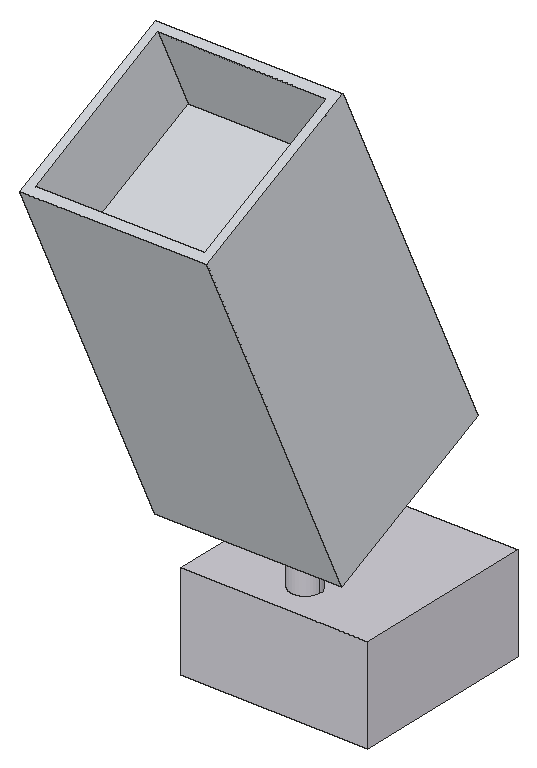
Revit family "Lighting-Surface-Lucifer-Squilinder-SQ2", category Lighting Fixtures, host Face, Revit 2016
Family settings
  Host = Face
  Part Type = Normal
  Round Connector Dimension = Use Diameter
  Cut with Voids When Loaded = No
  Light Source = Yes
  Shared = No
  Room Calculation Point = No
Parameters
  Voltage = 0 V
  Rotation Angle [instance] = 65.00°
  Power Factor = 1
  Photometric Web File = "Load File"
  Number of Poles = 1
  Material = White Finish
  Lamp = "LED"
  Input Wattage = ""
  Wattage = 26 W
  built-in parameter 1150110 = 1 (stored number, unit not read)
  URL = "https://www.luciferlighting.com/"
  built-in parameter 1114217 = 1 (stored number, unit not read)
  Tilt Angle = 90.00°
  built-in parameter 1150109 = 1 (stored number, unit not read)
  built-in parameter 1150134 = 12
  built-in parameter 1150113 = 1 (stored number, unit not read)
  Model = "SQ2"
  Manufacturer = "Lucifer"
  built-in parameter 1150105 = 206.9 (stored number, unit not read)
  Lumens = 2600 lm
  built-in parameter 1150115 = 1 (stored number, unit not read)
  built-in parameter 1150137 = (empty or 0)
  built-in parameter 1150139 = (empty or 0)
  built-in parameter 1150112 = 1 (stored number, unit not read)
  built-in parameter 1150114 = 1 (stored number, unit not read)
  Keynote = ""
  built-in parameter 1150132 = (empty or 0)
  built-in parameter 1150102 = (empty or 0)
  built-in parameter 1150107 = 4000 (stored number, unit not read)
  built-in parameter 1150138 = (empty or 0)
  built-in parameter 1150106 = 2.069 (stored number, unit not read)
  Emit from Rectangle Width = 3.00"
  Emit from Rectangle Length = 3.00"
  Emit Shape Visible in Rendering = yes
  built-in parameter 1150104 = 9.2903 (stored number, unit not read)
  Dimming Lamp Color Temperature Shift = (empty or 0)
  Description = "Adjustable Surface Mount"
  Default Elevation = 48.00"
  Color Filter = 16777215
  built-in parameter 1114218 = 1 (stored number, unit not read)
  built-in parameter 1150133 = 10 (stored number, unit not read)
  Assembly Code = ""
  Apparent Load = 0 VA
Reference planes (in)
  plane 1 "Center (Front/Back)": y = 1.94073
  plane 2: z = 0
  plane 3 "Center (Left/Right)": x = 2.916
  plane 4: y = 3.00423
  plane 5: y = 0.87724
Forms (in)
  Extrusion 1, solid, material "White Finish"
    sketch origin (0, 1.94073, 0) x (-1, 0, 0) y (0, 0, 1)
      loop
        line (-1.351, 1.60004) -> (-4.481, 1.60004) -> (-4.481, 0) -> (-1.351, 0) -> (-1.351, 1.60004)
    from -1.18264 to 1.94736
  Extrusion 2, solid, material "White Finish"
    sketch origin (0, -0.9375, 0) x (1, 0, 0) y (0, 1, 0)
      loop
        circle (2.916, 2.32679) r 0.25
    from 0 to 3.24597
Lines and regions (in)
  reference lines
    curve 1: line (2.916, 1.92486, 1.60004) -> (2.916, -2.00338, 10.02417)
Dimensions and locks (in)
  equal spacing: plane 4, plane 1 "Center (Front/Back)", plane 5
  Extrusion 1 sketch curve to Extrusion 1 sketch curve = 3.13"
  Extrusion 1 sketch curve to Extrusion 1 sketch curve = 1.60004"
  "Rotation Angle": angle level to curve 1
  "Rotation Angle": angle level to imposter light
  aligned and locked: plane 2 to host face
  aligned and locked: level to host face
  aligned: plane 1 "Center (Front/Back)" to imposter light
  aligned and locked: Extrusion 1 sketch curve to level
Automatic sketch dimensions
  host sketch curve to host sketch curve = 12.00498"
  host sketch curve to host sketch curve = 12.39607"
  Extrusion 1 sketch curve to plane 3 "Center (Left/Right)" = 1.565"
  Extrusion 2 sketch curve to plane 3 "Center (Left/Right)" = 0.00"
  Extrusion 2 sketch curve to plane 1 "Center (Front/Back)" = 0.55144"
  curve 1 to plane 1 "Center (Front/Back)" = 0.01587"
  level to curve 1 = 1.60004"
  radius of Extrusion 2 sketch curve = 0.25"
Nested families (in)
  nested 1: "Track Head" at (2.916, -0.20102, 6.159) x (0, -0.4226, 0.9063) z (0, -0.9063, -0.4226), type "Track Head"
Connectors (in)
  electrical at (2.916, 2.32309, 0), driven by "Number of Poles", driven by "Voltage", driven by "Apparent Load", driven by "Power Factor"
    settings: on Extrusion 1, index 1, voltage 0 V, apparent load 0 VA, apparent load phase1 0 VA, apparent load phase2 0 VA, apparent load phase3 0 VA, power factor 1, load classification "Other", number of poles 1, system type 31, power factor state 1, is connector primary yes, connector utility no, sub classification motor no, connector description "Power"
Definition of nested family "Track Head"
  Parameters (values of type "Track Head")
    Width = 3.13"
    Length = 4.80078"
    Material = none
    Height = 6.70"
    Default Elevation = 48.00"
    Assembly Code = ""
  Reference planes (in)
    plane 1 "Center (Front/Back)": y = 0
    plane 2: z = 0
    plane 3 "Center (Left/Right)": x = 0
    plane 4: z = 6.7
    plane 5: y = 1.565
    plane 6: y = -1.565
    plane 7: x = -1.565
    plane 8: x = 1.565
  Forms (in)
    Extrusion 1, solid
      sketch origin (0, 0, 0) x (1, 0, 0) y (0, 1, 0)
        loop
          line (-48, 48) -> (-48, -48) -> (48, -48) -> (48, 48) -> (-48, 48)
      from 0 to -0.80444
    Extrusion 2, solid, material <- "Material"
      sketch origin (-3.35, 0, -0.4625) x (0, 0, -1) y (0, 1, 0)
        loop
          line (-1.565, 1.565) -> (-1.565, -1.565) -> (1.565, -1.565) -> (1.565, 1.565) -> (-1.565, 1.565)
      from 0 to 6.7
    Extrusion 3, void
      sketch origin (-3.35, 0, -0.4625) x (0, 0, -1) y (0, 1, 0)
        loop
          line (-1.415, 1.415) -> (-1.415, -1.415) -> (1.415, -1.415) -> (1.415, 1.415) -> (-1.415, 1.415)
      from 5.2151 to 6.7
  Cuts and joins
    Extrusion 3 cuts Extrusion 2
  Dimensions and locks (in)
    equal spacing: plane 5, plane 1 "Center (Front/Back)", plane 6
    "Width": plane 5 to plane 6
    "Height": plane 4 to Extrusion 1
    equal spacing: plane 7, plane 3 "Center (Left/Right)", plane 8
    "Width": plane 7 to plane 8
    aligned and locked: plane 2 to Extrusion 1
    aligned and locked: level to Extrusion 1
    aligned and locked: plane 5 to Extrusion 2
    aligned and locked: Extrusion 2 to plane 6
  Automatic sketch dimensions
    Extrusion 1 sketch curve to Extrusion 1 sketch curve = 96.00"  (x2)
    Extrusion 2 sketch curve to plane 6 = 0.00"
    Extrusion 2 sketch curve to plane 5 = 0.00"
    Extrusion 2 sketch curve to plane 4 = 5.5975"
    Extrusion 2 sketch curve to level = 2.0275"
    plane 6 to Extrusion 3 sketch curve = 0.15"
    Extrusion 3 sketch curve to plane 4 = 5.7475"
    Extrusion 3 sketch curve to level = 1.8775"
    Extrusion 3 sketch curve to plane 5 = 0.15"
